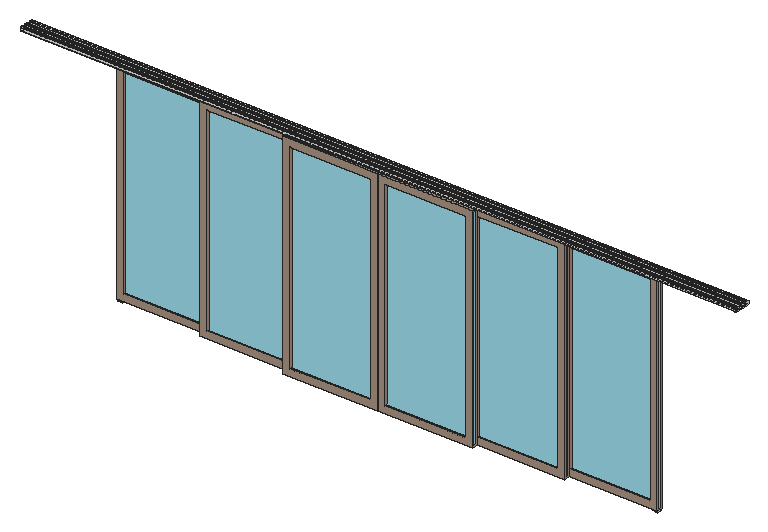
Revit family "6S Panel Slide SWW6S XRDLP", category Doors, host Wall, Revit 2016
Family settings
  Host = Wall
  Always vertical = Yes
  Cut with Voids When Loaded = No
  Shared = No
  Room Calculation Point = No
Parameters (values of type "233"x 94 3/4"")
  URL = "www.raydoor.com"
  Type Image = SWW6S.jpg
  Trim GC [instance] = no
  Thickness = 2.24836"
  Rough Width = 1"  # constant formula
  Rough Height = 1/2"  # constant formula
  Model = "SWW6S"
  Function = Interior
  Door Material = Door - Panel
  Panel Material = Glass, Cast, Gray
  Height = 94 3/4"
  Trim Projection Ext = 63/64"  # constant formula
  Typ = 3"  # constant formula
  Wall Closure = By host
  Width = 233"
  Assembly Code = "SWW6S XRDLP"
Reference planes (in)
  plane 1: y = 0
  plane 2: z = 0
  plane 3: x = 5.00001
  plane 4: x = -111.49999
  plane 5: x = 121.50001
  plane 6: z = 94.75
  plane 7: y = -5.50858
  plane 8: z = 93.5625
  plane 9: x = 119.00001
  plane 10: x = 120.50001
  plane 11: x = 2.00001
  plane 12: x = 3.50001
  plane 13: x = -73.99999
  plane 14: x = -72.49999
  plane 15: x = -70.99999
  plane 16: x = -110.49999
  plane 17: y = -3.26022
  plane 18: x = -111.99999
  plane 19: x = -108.99999
  plane 20: x = -148.49999
  plane 21: x = -149.99999
  plane 22: x = -146.99999
  plane 23: y = -5.75858
  plane 24: y = -8.00694
  plane 25: x = 82.50001
  plane 26: x = 81.00001
  plane 27: x = 84.00001
  plane 28: x = 122.00001
  plane 29: x = 8.00001
  plane 30: x = 6.50001
  plane 31: x = 157.00001
  plane 32: x = 158.50001
  plane 33: x = 160.00001
  plane 34: y = -8.25694
  plane 35: y = -10.5053
  plane 36: x = -35.99999
  plane 37: x = -34.49999
  plane 38: x = -32.99999
  plane 39: x = 44.50001
  plane 40: x = 43.00001
  plane 41: x = 46.00001
  plane 42: z = 92.75
Forms (in)
  Extrusion 1, solid, material "Door - Panel" <- "Door Material"
    sketch origin (-140.00001, -3.00757, 0.25) x (1, 0, 0) y (0, 0, 1)
      loop
        line (28.00002, 92.5) -> (28.00002, 0.5) -> (69.00002, 0.5) -> (69.00002, 92.5) -> (28.00002, 92.5)
      loop
        line (31.00002, 89.5) -> (31.00002, 3.5) -> (66.00002, 3.5) -> (66.00002, 89.5) -> (31.00002, 89.5)
    from 0.25265 to 2.50101
  Extrusion 2, solid, material "Glass, Cast, Gray" <- "Panel Material"
    sketch origin (-140.00001, -15.26431, 0.25) x (1, 0, 0) y (0, 0, 1)
      loop
        line (28.00002, 92.5) -> (28.00002, 1.375) -> (69.00002, 1.375) -> (69.00002, 92.5) -> (28.00002, 92.5)
    from -11.0041 to -10.75574
  Extrusion 3, solid, material "UHMW, White", detail levels medium+fine
    sketch origin (49.77771, -4.9971, 0.25) x (0, 1, 0) y (0, 0, 1)
      loop
        line (1.26596, -0.25) -> (1.26596, -0.0625) -> (0.73689, -0.0625) -> (0.73689, 0.75) -> (0.48853, 0.75) -> (0.48853, -0.0625) -> (-0.01147, -0.0625) -> (-0.01147, -0.25) -> (1.26596, -0.25)
      loop
        line (0.09481, 94.28125) -> (0.09481, 93.47947) -> (1.14169, 93.47947) -> (1.14169, 94.28125) -> (0.09481, 94.28125)
    from -161.77769 to -159.27769
  Extrusion 4, solid, material "Door - Panel" <- "Door Material", visible <- "Trim GC"
    sketch origin (-72.24213, -0.85137, -17.28113) x (1, 0, 0) y (0, 0, 1)
      loop
        line (-77.75786, 108.78113) -> (232.24214, 108.78113) -> (232.24214, 112.03113) -> (-77.75786, 112.03113) -> (-77.75786, 108.78113)
    from 9.65393 to 10.12647
  Extrusion 5, solid, material "UHMW, White"
    sketch origin (0, 37.0452, -9.0893) x (0, 1, 0) y (0, 0, 1)
      loop
        line (-41.25404, 103.74555) -> (-41.25404, 103.66096) -> (-41.19476, 103.66096) -> (-41.19476, 103.74555) -> (-41.02089, 103.74555) -> (-41.02089, 103.61591) -> (-40.88653, 103.60416) -> (-40.88653, 102.74284) -> (-40.91814, 102.62485) -> (-41.13549, 102.60584) -> (-41.13549, 102.52584) -> (-40.93757, 102.52584)
        arc (-40.93757, 102.52584) -> (-40.89568, 102.54682) -> (-40.8538, 102.52584) r 0.0523
        arc (-40.8538, 102.52584) -> (-40.82664, 102.53709) -> (-40.81539, 102.56425) r 0.0384
        line (-40.81539, 102.56425) -> (-40.81539, 103.72023) -> (-40.85491, 103.72023)
        arc (-40.85491, 103.72023) -> (-40.92012, 103.68259) -> (-40.92012, 103.75788) r 0.04347
        line (-40.92012, 103.75788) -> (-40.92012, 103.8393) -> (-41.94362, 103.8393) -> (-41.94362, 103.75788)
        arc (-41.94362, 103.75788) -> (-41.94362, 103.68259) -> (-42.00882, 103.72023) r 0.04347
        line (-42.00882, 103.72023) -> (-42.04834, 103.72023) -> (-42.04834, 102.56425)
        arc (-42.04834, 102.56425) -> (-42.03709, 102.53709) -> (-42.00994, 102.52584) r 0.0384
        arc (-42.00994, 102.52584) -> (-41.96805, 102.54682) -> (-41.92617, 102.52584) r 0.0523
        line (-41.92617, 102.52584) -> (-41.72825, 102.52584) -> (-41.72825, 102.60584) -> (-41.9456, 102.62485) -> (-41.97721, 102.74284) -> (-41.97721, 103.60416) -> (-41.84285, 103.61591) -> (-41.84285, 103.74555) -> (-41.66897, 103.74555) -> (-41.66897, 103.66096) -> (-41.6097, 103.66096) -> (-41.6097, 103.74555) -> (-41.25404, 103.74555)
    from -149.99999 to 160.00001
  Extrusion 6, void
    sketch origin (-140.00001, -15.26431, -90.75) x (1, 0, 0) y (0, 0, 1)
      loop
        line (69.00002, 92.375) -> (28.00002, 92.375) -> (28.00002, 91.5) -> (69.00002, 91.5) -> (69.00002, 92.375)
    from -11.0041 to -10.75574
  Extrusion 7, solid, material "UHMW, White"
    sketch origin (-41.44048, -3.87491, 94.75) x (0, -1, 0) y (1, 0, 0)
      loop
        circle (0.50948, -31.05951) r 0.125
    from -2 to -0.09375
  Extrusion 8, solid, material "Door - Panel" <- "Door Material"
    sketch origin (-99, -5.24836, 0.25) x (1, 0, 0) y (0, 0, 1)
      loop
        line (25.00001, 92.5) -> (25.00001, 0.5) -> (66.00001, 0.5) -> (66.00001, 92.5) -> (25.00001, 92.5)
      loop
        line (28.00001, 89.5) -> (28.00001, 3.5) -> (63.00001, 3.5) -> (63.00001, 89.5) -> (28.00001, 89.5)
    from 0.51022 to 2.75858
  Extrusion 9, solid, material "Glass, Cast, Gray" <- "Panel Material"
    sketch origin (-99, -17.76267, 0.25) x (1, 0, 0) y (0, 0, 1)
      loop
        line (25.00001, 92.5) -> (25.00001, 1.375) -> (66.00001, 1.375) -> (66.00001, 92.5) -> (25.00001, 92.5)
    from -11.0041 to -10.75574
  Extrusion 10, void
    sketch origin (-181.00001, -17.51267, -90.75) x (1, 0, 0) y (0, 0, 1)
      loop
        line (107.00002, 92.375) -> (107.00002, 91.5) -> (148.00002, 91.5) -> (148.00002, 92.375) -> (107.00002, 92.375)
    from -10.7541 to -10.50574
  Extrusion 11, solid, material "UHMW, White"
    sketch origin (0, 35.04004, -9.0893) x (0, 1, 0) y (0, 0, 1)
      loop
        line (-41.7495, 103.74555) -> (-41.7495, 103.66096) -> (-41.69023, 103.66096) -> (-41.69023, 103.74555) -> (-41.51635, 103.74555) -> (-41.51635, 103.61591) -> (-41.38199, 103.60416) -> (-41.38199, 102.74284) -> (-41.41361, 102.62485) -> (-41.63095, 102.60584) -> (-41.63095, 102.52584) -> (-41.43304, 102.52584)
        arc (-41.43304, 102.52584) -> (-41.39115, 102.54682) -> (-41.34926, 102.52584) r 0.0523
        arc (-41.34926, 102.52584) -> (-41.32211, 102.53709) -> (-41.31086, 102.56425) r 0.0384
        line (-41.31086, 102.56425) -> (-41.31086, 103.72023) -> (-41.35038, 103.72023)
        arc (-41.35038, 103.72023) -> (-41.41558, 103.68259) -> (-41.41558, 103.75788) r 0.04347
        line (-41.41558, 103.75788) -> (-41.41558, 103.8393) -> (-42.43909, 103.8393) -> (-42.43909, 103.75788)
        arc (-42.43909, 103.75788) -> (-42.43909, 103.68259) -> (-42.50429, 103.72023) r 0.04347
        line (-42.50429, 103.72023) -> (-42.54381, 103.72023) -> (-42.54381, 102.56425)
        arc (-42.54381, 102.56425) -> (-42.53256, 102.53709) -> (-42.5054, 102.52584) r 0.0384
        arc (-42.5054, 102.52584) -> (-42.46352, 102.54682) -> (-42.42163, 102.52584) r 0.0523
        line (-42.42163, 102.52584) -> (-42.22372, 102.52584) -> (-42.22372, 102.60584) -> (-42.44106, 102.62485) -> (-42.47268, 102.74284) -> (-42.47268, 103.60416) -> (-42.33832, 103.61591) -> (-42.33832, 103.74555) -> (-42.16444, 103.74555) -> (-42.16444, 103.66096) -> (-42.10516, 103.66096) -> (-42.10516, 103.74555) -> (-41.7495, 103.74555)
    from -149.99999 to 160.00001
  Extrusion 12, solid, material "UHMW, White"
    sketch origin (-92.86615, -16.69677, 94.75) x (0, -1, 0) y (1, 0, 0)
      loop
        circle (-9.81483, 58.36617) r 0.125
    from -2 to 0
  Extrusion 13, solid, material "Door - Panel" <- "Door Material"
    sketch origin (-57.99999, -7.74219, 0.25) x (1, 0, 0) y (0, 0, 1)
      loop
        line (101.00001, 92.5) -> (101.00001, 0.5) -> (142.00001, 0.5) -> (142.00001, 92.5) -> (101.00001, 92.5)
      loop
        line (104.00001, 89.5) -> (104.00001, 3.5) -> (139.00001, 3.5) -> (139.00001, 89.5) -> (104.00001, 89.5)
    from -1.98361 to 0.26475
  Extrusion 14, solid, material "Glass, Cast, Gray" <- "Panel Material"
    sketch origin (-57.99999, -17.5065, 0.25) x (1, 0, 0) y (0, 0, 1)
      loop
        line (101.00001, 92.5) -> (101.00001, 1.375) -> (142.00001, 1.375) -> (142.00001, 92.5) -> (101.00001, 92.5)
    from -10.7541 to -10.50574
  Extrusion 15, void
    sketch origin (-140, -20.0065, -90.75) x (1, 0, 0) y (0, 0, 1)
      loop
        line (183.00001, 92.375) -> (183.00001, 91.5) -> (224.00001, 91.5) -> (224.00001, 92.375) -> (183.00001, 92.375)
    from -13.2541 to -13.00574
  Extrusion 16, solid, material "UHMW, White"
    sketch origin (-92.86615, -18.94514, 94.75) x (0, -1, 0) y (1, 0, 0)
      loop
        circle (-9.55948, 99.36617) r 0.125
    from -2 to 0
  Extrusion 17, solid, material "Door - Panel" <- "Door Material"
    sketch origin (-16.99999, -10.23601, 0.25) x (1, 0, 0) y (0, 0, 1)
      loop
        line (98, 92.5) -> (98, 0.5) -> (139, 0.5) -> (139, 92.5) -> (98, 92.5)
      loop
        line (101, 89.5) -> (101, 3.5) -> (136, 3.5) -> (136, 89.5) -> (101, 89.5)
    from -6.9758 to -4.72744
  Extrusion 18, solid, material "Glass, Cast, Gray" <- "Panel Material"
    sketch origin (-16.99999, -15.00033, 0.25) x (1, 0, 0) y (0, 0, 1)
      loop
        line (98, 92.5) -> (98, 1.375) -> (139, 1.375) -> (139, 92.5) -> (98, 92.5)
    from -10.7541 to -10.50574
  Extrusion 19, void
    sketch origin (-98.99999, -22.50033, -90.75) x (1, 0, 0) y (0, 0, 1)
      loop
        line (180.00001, 92.125) -> (180.00001, 91.25) -> (221.00001, 91.25) -> (221.00001, 92.125) -> (180.00001, 92.125)
    from -18.2541 to -18.00574
  Extrusion 20, solid, material "UHMW, White"
    sketch origin (-92.86615, -21.43896, 94.75) x (0, -1, 0) y (1, 0, 0)
      loop
        circle (-17.06855, 175.36617) r 0.125
    from -2 to 0
  Extrusion 21, solid, material "Door - Panel" <- "Door Material"
    sketch origin (-98.28447, -8.92946, 0.25) x (1, 0, 0) y (0, 0, 1)
      loop
        line (62.28448, 92.5) -> (62.28448, 0.5) -> (103.28448, 0.5) -> (103.28448, 92.5) -> (62.28448, 92.5)
      loop
        line (65.28448, 89.5) -> (65.28448, 3.5) -> (100.28448, 3.5) -> (100.28448, 89.5) -> (65.28448, 89.5)
    from -0.67252 to 1.57584
  Extrusion 22, solid, material "Glass, Cast, Gray" <- "Panel Material"
    sketch origin (-98.28447, -21.44378, 0.25) x (1, 0, 0) y (0, 0, 1)
      loop
        line (62.28448, 92.5) -> (62.28448, 1.375) -> (103.28448, 1.375) -> (103.28448, 92.5) -> (62.28448, 92.5)
    from -12.18684 to -11.93848
  Extrusion 23, void
    sketch origin (-180.28447, -20.88128, -90.75) x (1, 0, 0) y (0, 0, 1)
      loop
        line (144.28448, 92.375) -> (144.28448, 91.5) -> (185.28448, 91.5) -> (185.28448, 92.375) -> (144.28448, 92.375)
    from -11.62434 to -11.37598
  Extrusion 24, solid, material "Door - Panel" <- "Door Material"
    sketch origin (-84.83584, -10.10607, 0.25) x (1, 0, 0) y (0, 0, 1)
      loop
        line (89.83585, 92.5) -> (89.83585, 0.5) -> (130.83585, 0.5) -> (130.83585, 92.5) -> (89.83585, 92.5)
      loop
        line (92.83585, 89.5) -> (92.83585, 3.5) -> (127.83585, 3.5) -> (127.83585, 89.5) -> (92.83585, 89.5)
    from -1.84913 to 0.39924
  Extrusion 25, solid, material "Glass, Cast, Gray" <- "Panel Material"
    sketch origin (-84.83584, -22.62038, 0.25) x (1, 0, 0) y (0, 0, 1)
      loop
        line (89.83585, 92.5) -> (89.83585, 0.80093) -> (130.83585, 0.80093) -> (130.83585, 92.5) -> (89.83585, 92.5)
    from -13.36344 to -13.11508
  Extrusion 26, void
    sketch origin (-166.83584, -22.05788, -90.75) x (1, 0, 0) y (0, 0, 1)
      loop
        line (171.83586, 92.375) -> (171.83586, 91.5) -> (212.83586, 91.5) -> (212.83586, 92.375) -> (171.83586, 92.375)
    from -12.80094 to -12.55258
  Extrusion 27, solid, material "UHMW, White"
    sketch origin (0, 32.54168, -9.0893) x (0, 1, 0) y (0, 0, 1)
      loop
        line (-41.7495, 103.74555) -> (-41.7495, 103.66096) -> (-41.69023, 103.66096) -> (-41.69023, 103.74555) -> (-41.51635, 103.74555) -> (-41.51635, 103.61591) -> (-41.38199, 103.60416) -> (-41.38199, 102.74284) -> (-41.41361, 102.62485) -> (-41.63095, 102.60584) -> (-41.63095, 102.52584) -> (-41.43304, 102.52584)
        arc (-41.43304, 102.52584) -> (-41.39115, 102.54682) -> (-41.34926, 102.52584) r 0.0523
        arc (-41.34926, 102.52584) -> (-41.32211, 102.53709) -> (-41.31086, 102.56425) r 0.0384
        line (-41.31086, 102.56425) -> (-41.31086, 103.72023) -> (-41.35038, 103.72023)
        arc (-41.35038, 103.72023) -> (-41.41558, 103.68259) -> (-41.41558, 103.75788) r 0.04347
        line (-41.41558, 103.75788) -> (-41.41558, 103.8393) -> (-42.43909, 103.8393) -> (-42.43909, 103.75788)
        arc (-42.43909, 103.75788) -> (-42.43909, 103.68259) -> (-42.50429, 103.72023) r 0.04347
        line (-42.50429, 103.72023) -> (-42.54381, 103.72023) -> (-42.54381, 102.56425)
        arc (-42.54381, 102.56425) -> (-42.53256, 102.53709) -> (-42.5054, 102.52584) r 0.0384
        arc (-42.5054, 102.52584) -> (-42.46352, 102.54682) -> (-42.42163, 102.52584) r 0.0523
        line (-42.42163, 102.52584) -> (-42.22372, 102.52584) -> (-42.22372, 102.60584) -> (-42.44106, 102.62485) -> (-42.47268, 102.74284) -> (-42.47268, 103.60416) -> (-42.33832, 103.61591) -> (-42.33832, 103.74555) -> (-42.16444, 103.74555) -> (-42.16444, 103.66096) -> (-42.10516, 103.66096) -> (-42.10516, 103.74555) -> (-41.7495, 103.74555)
    from -149.99999 to 160.00001
  Extrusion 28, solid, material "UHMW, White"
    sketch origin (-95.86615, -18.94514, 94.75) x (0, -1, 0) y (1, 0, 0)
      loop
        circle (-9.55948, 99.36617) r 0.125
    from -2 to 0
  Extrusion 29, solid, material "UHMW, White"
    sketch origin (-133.86615, -21.43896, 94.75) x (0, -1, 0) y (1, 0, 0)
      loop
        circle (-14.57019, 178.36616) r 0.125
    from -2 to 0
  Extrusion 30, solid, material "UHMW, White", detail levels medium+fine
    sketch origin (281.2777, -4.9971, 0.25) x (0, 1, 0) y (0, 0, 1)
      loop
        line (1.26596, -0.25) -> (1.26596, -0.0625) -> (0.73689, -0.0625) -> (0.73689, 0.75) -> (0.48853, 0.75) -> (0.48853, -0.0625) -> (-0.01147, -0.0625) -> (-0.01147, -0.25) -> (1.26596, -0.25)
      loop
        line (0.09481, 94.28125) -> (0.09481, 93.47947) -> (1.14169, 93.47947) -> (1.14169, 94.28125) -> (0.09481, 94.28125)
    from -161.77769 to -159.27769
Cuts and joins
  Extrusion 6, Extrusion 10 cuts Extrusion 1
  Extrusion 10 cuts Extrusion 2
  Extrusion 10, Extrusion 15, Extrusion 23 cuts Extrusion 8
  Extrusion 10, Extrusion 15, Extrusion 23 cuts Extrusion 9
  Extrusion 15, Extrusion 19 cuts Extrusion 13
  Extrusion 15, Extrusion 19 cuts Extrusion 14
  Extrusion 19 cuts Extrusion 17
  Extrusion 19 cuts Extrusion 18
  Extrusion 23, Extrusion 26 cuts Extrusion 21
  Extrusion 23, Extrusion 26 cuts Extrusion 22
  Extrusion 26 cuts Extrusion 24
  Extrusion 26 cuts Extrusion 25
Lines and regions (in)
  Opening 1
    outline origin (-60, -3.00757, 144) x (0, 0, -1) y (1, 0, 0)
      loop
        line (49.25, -51.49999) -> (144, -51.49999) -> (144, 181.50001) -> (49.25, 181.50001) -> (49.25, -51.49999)
  Masking region 1
    outline origin (-7.24693, 27.04592, 0) x (1, 0, 0) y (0, 1, 0)
      loop
        line (-101.75305, -35.05286) -> (-101.75305, -32.8045) -> (-142.75305, -32.8045) -> (-142.75305, -35.05286) -> (-101.75305, -35.05286)
  Masking region 2
    outline origin (-7.24693, 29.28975, 0) x (1, 0, 0) y (0, 1, 0)
      loop
        line (-101.75305, -34.79833) -> (-101.75305, -32.54997) -> (-142.75305, -32.54997) -> (-142.75305, -34.79833) -> (-101.75305, -34.79833)
  Masking region 3
    outline origin (187.00309, 19.73179, 0) x (1, 0, 0) y (0, 1, 0)
      loop
        line (-27.00308, -25.24037) -> (-27.00308, -22.99201) -> (-68.00308, -22.99201) -> (-68.00308, -25.24037) -> (-27.00308, -25.24037)
  Masking region 4
    outline origin (212.00307, 13.05724, 0) x (1, 0, 0) y (0, 1, 0)
      loop
        line (-52.00305, -21.06418) -> (-52.00305, -18.81582) -> (-93.00305, -18.81582) -> (-93.00305, -21.06418) -> (-52.00305, -21.06418)
  Masking region 5
    outline origin (-2.33202, 23.60446, 0) x (1, 0, 0) y (0, 1, 0)
      loop
        line (-106.66797, -34.10977) -> (-106.66797, -31.8614) -> (-147.66797, -31.8614) -> (-147.66797, -34.10977) -> (-106.66797, -34.10977)
  Masking region 6
    outline origin (212.97364, 9.43502, 0) x (1, 0, 0) y (0, 1, 0)
      loop
        line (-52.97363, -19.94032) -> (-52.97363, -17.69196) -> (-93.97363, -17.69196) -> (-93.97363, -19.94032) -> (-52.97363, -19.94032)
  symbolic lines, style "Elevation Swing"
    curve 1: line (-67.99998, 0, 37.98833) -> (-39.99998, 0, 37.98833)
    curve 2: line (-39.875, 0, 32.79755) -> (-68.24999, 0, 32.79755)
    curve 3: line (-67.99998, 0, 37.98833) -> (-62.80383, 0, 40.98833)
    curve 4: line (-45.07115, 0, 29.79755) -> (-39.875, 0, 32.79755)
    curve 10: line (49.00002, 0, 37.98833) -> (77.00002, 0, 37.98833)
    curve 11: line (77.125, 0, 32.79755) -> (48.75001, 0, 32.79755)
    curve 12: line (49.00002, 0, 37.98833) -> (54.19617, 0, 40.98833)
    curve 13: line (71.92885, 0, 29.79755) -> (77.125, 0, 32.79755)
  symbolic lines, style "Plan Swing"
    curve 5: line (-42.81249, -14.80996, 0) -> (-61.43749, -14.80996, 0)
    curve 6: line (-61.43749, -14.80996, 0) -> (-59.31617, -12.68864, 0)
    curve 7: line (-42.81249, -16.32894, 0) -> (-61.43749, -16.32894, 0)
    curve 8: line (-44.93381, -18.45026, 0) -> (-42.81249, -16.32894, 0)
    curve 14: line (74.18751, -14.80996, 0) -> (55.56251, -14.80996, 0)
    curve 15: line (55.56251, -14.80996, 0) -> (57.68383, -12.68864, 0)
    curve 16: line (74.18751, -16.32894, 0) -> (55.56251, -16.32894, 0)
    curve 17: line (72.06619, -18.45026, 0) -> (74.18751, -16.32894, 0)
  model lines
    curve 9: line (-111.49999, 2.99243, 0) -> (121.50001, 2.99243, 0)
Dimensions and locks (in)
  equal spacing: plane 4, plane 3, plane 5
  "Width": plane 4 to plane 5
  "Height": plane 6 to plane 2
  locked: host wall to plane 17 at 0.24937
  locked: plane 6 to plane 8 at 1.1875
  plane 6 to Extrusion 1 = 2"
  "Typ": Extrusion 1 sketch curve to Extrusion 1 sketch curve  (x2)
  locked: Extrusion 2 to plane 7 at 1
  locked: Extrusion 2 to Extrusion 2 at 0.24836
  locked: Extrusion 1 to Extrusion 2 at 1
  Extrusion 1 to plane 4 = 1/2"
  plane 6 to Extrusion 4 = 3 1/4"
  Extrusion 4 to plane 7 = 5.46926"
  "Thickness": Extrusion 1 to Extrusion 1
  locked: Extrusion 3 to Extrusion 3 at 2.5
  Extrusion 3 sketch curve to Extrusion 3 sketch curve = 3/16"
  locked: Extrusion 2 sketch curve to Extrusion 1 at 0.875
  locked: Extrusion 6 to Extrusion 6 at 0.24836
  equal spacing: plane 11, plane 12, plane 3
  "Typ": plane 11 to plane 3
  equal spacing: plane 13, plane 14, plane 15
  "Typ": plane 13 to plane 15
  "Typ": Extrusion 8 sketch curve to Extrusion 8 sketch curve  (x2)
  locked: Extrusion 9 to Extrusion 9 at 0.24836
  locked: Extrusion 8 to Extrusion 9 at 1
  locked: Extrusion 9 sketch curve to Extrusion 8 at 0.875
  locked: Extrusion 10 to Extrusion 10 at 0.24836
  "Thickness": plane 23 to plane 24
  locked: Extrusion 7 sketch curve to plane 15 at 1.375
  locked: Extrusion 12 sketch curve to plane 24 at 1.25
  locked: Extrusion 12 sketch curve to plane 38 at 1.375
  locked: Extrusion 7 sketch curve to plane 7 at 0.99918
  "Thickness": plane 17 to plane 7
  "Typ": plane 18 to plane 19
  equal spacing: plane 18, plane 16, plane 19
  "Typ": plane 21 to plane 22
  equal spacing: plane 21, plane 20, plane 22
  "Typ": Extrusion 13 sketch curve to Extrusion 13 sketch curve  (x2)
  locked: Extrusion 14 to Extrusion 14 at 0.24836
  Extrusion 13 to Extrusion 14 = 0.99383"
  locked: Extrusion 14 sketch curve to Extrusion 13 at 0.875
  locked: Extrusion 15 to Extrusion 15 at 0.24836
  plane 35 to Extrusion 16 sketch curve = 1.24465"
  locked: plane 7 to plane 23 at 0.25
  locked: Extrusion 3 sketch curve to Extrusion 3 sketch curve at 0.52908
  locked: Extrusion 3 sketch curve to Extrusion 3 sketch curve at 0.5
  equal spacing: plane 26, plane 25, plane 27
  "Typ": plane 26 to plane 27
  "Typ": Extrusion 17 sketch curve to Extrusion 17 sketch curve  (x2)
  locked: Extrusion 18 to Extrusion 18 at 0.24836
  Extrusion 17 to Extrusion 18 = 0.98601"
  locked: Extrusion 18 sketch curve to Extrusion 17 at 0.875
  locked: Extrusion 19 to Extrusion 19 at 0.24836
  locked: Extrusion 16 sketch curve to plane 29 at 1.375
  locked: Extrusion 20 sketch curve to plane 7 at 1.13817
  locked: Extrusion 20 sketch curve to plane 27 at 1.375
  equal spacing: plane 29, plane 30, plane 3
  "Typ": plane 29 to plane 3
  equal spacing: plane 9, plane 10, plane 28
  "Typ": plane 9 to plane 28
  locked: plane 24 to cut or joined group of Extrusion 14, Extrusion 15, Extrusion 19 at 1.00617
  locked: cut or joined group of Extrusion 14, Extrusion 15, Extrusion 19 to plane 23 at 0.99383
  locked: cut or joined group of Extrusion 14, Extrusion 15, Extrusion 19 to cut or joined group of Extrusion 14, Extrusion 15, Extrusion 19 at 0.24836
  locked: plane 7 to cut or joined group of Extrusion 18, Extrusion 19 at 1.01399
  locked: cut or joined group of Extrusion 18, Extrusion 19 to plane 17 at 0.98601
  locked: cut or joined group of Extrusion 18, Extrusion 19 to cut or joined group of Extrusion 18, Extrusion 19 at 0.24836
  equal spacing: plane 31, plane 32, plane 33
  "Typ": plane 31 to plane 33
  locked: plane 24 to plane 34 at 0.25
  "Thickness": plane 34 to plane 35
  "Typ": Extrusion 21 sketch curve to Extrusion 21 sketch curve  (x2)
  locked: Extrusion 22 to Extrusion 22 at 0.24836
  locked: Extrusion 21 to Extrusion 22 at 1
  locked: Extrusion 22 sketch curve to Extrusion 21 at 0.875
  locked: Extrusion 23 to Extrusion 23 at 0.24836
  equal spacing: plane 36, plane 37, plane 38
  "Typ": plane 36 to plane 38
  equal spacing: plane 40, plane 39, plane 41
  "Typ": plane 40 to plane 41
  "Typ": Extrusion 24 sketch curve to Extrusion 24 sketch curve  (x2)
  locked: Extrusion 25 to Extrusion 25 at 0.24836
  locked: Extrusion 24 to Extrusion 25 at 1
  Extrusion 25 sketch curve to Extrusion 24 = 0.30093"
  locked: Extrusion 26 to Extrusion 26 at 0.24836
  locked: Extrusion 28 sketch curve to plane 35 at 1.24465
  locked: plane 11 to Extrusion 28 sketch curve at 1.375
  locked: Extrusion 29 sketch curve to plane 24 at 1.13817
  locked: plane 40 to Extrusion 29 sketch curve at 1.625
  "Thickness": cut or joined group of Extrusion 8, Extrusion 10, Extrusion 15, Extrusion 23 to cut or joined group of Extrusion 8, Extrusion 10, Extrusion 15, Extrusion 23
  "Thickness": cut or joined group of Extrusion 21, Extrusion 23, Extrusion 26 to cut or joined group of Extrusion 21, Extrusion 23, Extrusion 26
  locked: cut or joined group of Extrusion 17, Extrusion 19 to cut or joined group of Extrusion 17, Extrusion 19 at 2.24836
  locked: cut or joined group of Extrusion 13, Extrusion 15, Extrusion 19 to cut or joined group of Extrusion 13, Extrusion 15, Extrusion 19 at 2.24836
  locked: cut or joined group of Extrusion 24, Extrusion 26 to cut or joined group of Extrusion 24, Extrusion 26 at 2.24836
  locked: Extrusion 30 to Extrusion 30 at 2.5
  Extrusion 30 sketch curve to Extrusion 30 sketch curve = 3/16"
  locked: Extrusion 30 sketch curve to Extrusion 30 sketch curve at 0.52908
  locked: Extrusion 30 sketch curve to Extrusion 30 sketch curve at 0.5
  equal spacing: plane 20, plane 16, plane 14, plane 37, plane 12
  equal spacing: plane 30, plane 39, plane 25, plane 10, plane 32
  "Rough Height": plane 18 to plane 4
  "Rough Height": plane 5 to plane 28
  cut or joined group of Extrusion 24, Extrusion 26 to level = 3/4"
  Extrusion 27 to plane 6 = 1.31346"
  plane 42 to plane 6 = 2"
  host wall to plane 17 = 0.25265"
  Extrusion 5 to Extrusion 5 = 1.23295"
  Extrusion 11 to Extrusion 11 = 1.23295"
  Extrusion 27 to Extrusion 27 = 1.23295"
  plane 17 to plane 7 = 2.24836"
  plane 23 to plane 24 = 2.24836"
  plane 34 to plane 35 = 2.24836"
  plane 17 to plane 35 = 7.24508"
  cut or joined group of Extrusion 21, Extrusion 23, Extrusion 26 to level = 3/4"
  diameter of Extrusion 7 sketch curve = 1/4"
  diameter of Extrusion 12 sketch curve = 1/4"
  diameter of Extrusion 16 sketch curve = 1/4"
  diameter of Extrusion 20 sketch curve = 1/4"
  diameter of Extrusion 28 sketch curve = 1/4"
  diameter of Extrusion 29 sketch curve = 1/4"
  aligned and locked: Extrusion 1 to Extrusion 2
  aligned and locked: plane 5 to curve 9
  aligned and locked: Extrusion 4 to plane 6
  aligned and locked: Opening 1 sketch curve to plane 5
  aligned and locked: Opening 1 sketch curve to plane 4
  aligned and locked: Extrusion 3 sketch curve to Extrusion 3 sketch curve
  aligned and locked: Extrusion 1 to Extrusion 6  (x2)
  aligned and locked: Extrusion 7 to Extrusion 5
  aligned and locked: cut or joined group of Extrusion 1, Extrusion 6, Extrusion 10 to Extrusion 2
  aligned and locked: Extrusion 2 to cut or joined group of Extrusion 1, Extrusion 6, Extrusion 10
  aligned and locked: Extrusion 8 to Extrusion 9
  aligned and locked: Extrusion 8 to Extrusion 10  (x2)
  aligned and locked: plane 13 to Extrusion 8
  aligned and locked: plane 13 to Extrusion 9
  aligned and locked: cut or joined group of Extrusion 8, Extrusion 10, Extrusion 15, Extrusion 23 to plane 15
  aligned and locked: cut or joined group of Extrusion 1, Extrusion 6, Extrusion 10 to Masking region 2
  aligned and locked: Masking region 2 to plane 7
  aligned and locked: Extrusion 12 to plane 6
  aligned and locked: plane 17 to cut or joined group of Extrusion 1, Extrusion 6, Extrusion 10
  aligned and locked: plane 21 to Masking region 2
  aligned and locked: Masking region 2 to plane 19
  aligned and locked: plane 21 to Masking region 1
  aligned and locked: Masking region 1 to plane 19
  aligned and locked: plane 18 to cut or joined group of Extrusion 2, Extrusion 10
  aligned and locked: plane 18 to cut or joined group of Extrusion 1, Extrusion 6, Extrusion 10
  aligned and locked: cut or joined group of Extrusion 1, Extrusion 6, Extrusion 10 to plane 19
  aligned and locked: plane 13 to cut or joined group of Extrusion 1, Extrusion 6, Extrusion 10
  aligned and locked: cut or joined group of Extrusion 1, Extrusion 6, Extrusion 10 to plane 15
  aligned and locked: cut or joined group of Extrusion 2, Extrusion 10 to plane 15
  aligned and locked: plane 18 to Extrusion 6
  aligned and locked: Extrusion 13 to Extrusion 14
  aligned and locked: Extrusion 13 to Extrusion 15
  aligned and locked: Extrusion 16 to plane 6
  aligned and locked: Extrusion 15 to cut or joined group of Extrusion 14, Extrusion 15, Extrusion 19
  aligned and locked: plane 21 to Extrusion 4
  aligned and locked: plane 21 to Extrusion 11
  aligned and locked: plane 21 to Extrusion 5
  aligned and locked: plane 23 to Extrusion 8
  aligned and locked: plane 23 to Masking region 1
  aligned and locked: cut or joined group of Extrusion 8, Extrusion 10, Extrusion 15, Extrusion 23 to plane 24
  aligned and locked: Masking region 1 to plane 24
  aligned and locked: cut or joined group of Extrusion 8, Extrusion 10, Extrusion 15, Extrusion 23 to cut or joined group of Extrusion 9, Extrusion 10, Extrusion 15, Extrusion 23
  aligned and locked: cut or joined group of Extrusion 1, Extrusion 6, Extrusion 10 to Extrusion 3
  aligned and locked: Extrusion 3 to cut or joined group of Extrusion 1, Extrusion 6, Extrusion 10
  aligned and locked: cut or joined group of Extrusion 14, Extrusion 15, Extrusion 19 to plane 27
  aligned and locked: Extrusion 17 to Extrusion 18
  aligned and locked: Extrusion 17 to Extrusion 19
  aligned and locked: plane 26 to cut or joined group of Extrusion 17, Extrusion 19
  aligned and locked: plane 26 to cut or joined group of Extrusion 18, Extrusion 19
  aligned and locked: plane 23 to cut or joined group of Extrusion 13, Extrusion 15, Extrusion 19
  aligned and locked: cut or joined group of Extrusion 13, Extrusion 15, Extrusion 19 to plane 24
  aligned and locked: cut or joined group of Extrusion 17, Extrusion 19 to plane 17
  aligned and locked: plane 28 to cut or joined group of Extrusion 18, Extrusion 19
  aligned and locked: plane 28 to cut or joined group of Extrusion 17, Extrusion 19
  aligned and locked: plane 9 to cut or joined group of Extrusion 17, Extrusion 19
  aligned and locked: Extrusion 19 to cut or joined group of Extrusion 18, Extrusion 19
  aligned and locked: cut or joined group of Extrusion 17, Extrusion 19 to Extrusion 19
  aligned and locked: Masking region 3 to plane 17
  aligned and locked: plane 7 to Masking region 3
  aligned and locked: plane 9 to Masking region 3
  aligned and locked: plane 33 to Masking region 3
  aligned and locked: Masking region 4 to plane 23
  aligned and locked: Masking region 4 to plane 24
  aligned and locked: plane 9 to Masking region 4
  aligned and locked: plane 33 to Masking region 4
  aligned and locked: plane 33 to Extrusion 5
  aligned and locked: plane 33 to Extrusion 11
  aligned and locked: plane 33 to Extrusion 4
  aligned and locked: cut or joined group of Extrusion 8, Extrusion 10, Extrusion 15, Extrusion 23 to Extrusion 9
  aligned and locked: cut or joined group of Extrusion 8, Extrusion 10, Extrusion 15, Extrusion 23 to Extrusion 10
  aligned and locked: Extrusion 21 to Extrusion 22
  aligned and locked: Extrusion 21 to Extrusion 23  (x2)
  aligned and locked: plane 36 to cut or joined group of Extrusion 8, Extrusion 10, Extrusion 15, Extrusion 23
  aligned and locked: cut or joined group of Extrusion 8, Extrusion 10, Extrusion 15, Extrusion 23 to plane 38
  aligned and locked: plane 34 to cut or joined group of Extrusion 21, Extrusion 23, Extrusion 26
  aligned and locked: cut or joined group of Extrusion 21, Extrusion 23, Extrusion 26 to plane 35
  aligned and locked: plane 3 to cut or joined group of Extrusion 21, Extrusion 23, Extrusion 26
  aligned and locked: plane 3 to cut or joined group of Extrusion 22, Extrusion 23, Extrusion 26
  aligned and locked: plane 11 to cut or joined group of Extrusion 21, Extrusion 23, Extrusion 26
  aligned and locked: cut or joined group of Extrusion 21, Extrusion 23, Extrusion 26 to plane 38
  aligned and locked: plane 36 to cut or joined group of Extrusion 21, Extrusion 23, Extrusion 26
  aligned and locked: plane 36 to cut or joined group of Extrusion 22, Extrusion 23, Extrusion 26
  aligned and locked: cut or joined group of Extrusion 22, Extrusion 23, Extrusion 26 to cut or joined group of Extrusion 21, Extrusion 23, Extrusion 26
  aligned and locked: plane 21 to Masking region 5
  aligned and locked: Masking region 5 to plane 19
  aligned and locked: plane 34 to Masking region 5
  aligned and locked: Masking region 5 to plane 35
  aligned and locked: Masking region 6 to plane 34
  aligned and locked: Masking region 6 to plane 35
  aligned and locked: plane 9 to Masking region 6
  aligned and locked: plane 33 to Masking region 6
  aligned and locked: plane 3 to Extrusion 23
  aligned and locked: Extrusion 24 to Extrusion 25
  aligned and locked: Extrusion 24 to Extrusion 26
  aligned and locked: plane 34 to cut or joined group of Extrusion 24, Extrusion 26
  aligned and locked: cut or joined group of Extrusion 24, Extrusion 26 to plane 35
  aligned and locked: cut or joined group of Extrusion 24, Extrusion 26 to plane 3
  aligned and locked: cut or joined group of Extrusion 25, Extrusion 26 to plane 3
  aligned and locked: plane 29 to cut or joined group of Extrusion 24, Extrusion 26
  aligned and locked: cut or joined group of Extrusion 24, Extrusion 26 to plane 41
  aligned and locked: cut or joined group of Extrusion 25, Extrusion 26 to plane 41
  aligned and locked: plane 40 to cut or joined group of Extrusion 24, Extrusion 26
  aligned and locked: cut or joined group of Extrusion 25, Extrusion 26 to Extrusion 26
  aligned and locked: plane 35 to Extrusion 4
  aligned and locked: plane 21 to Extrusion 27
  aligned and locked: plane 33 to Extrusion 27
  aligned and locked: plane 18 to Extrusion 3
  aligned and locked: Extrusion 30 sketch curve to Extrusion 30 sketch curve
  aligned and locked: plane 28 to Extrusion 30
  aligned and locked: cut or joined group of Extrusion 1, Extrusion 6, Extrusion 10 to plane 42
  aligned and locked: plane 42 to cut or joined group of Extrusion 1, Extrusion 6, Extrusion 10
  aligned and locked: cut or joined group of Extrusion 8, Extrusion 10, Extrusion 15, Extrusion 23 to plane 42
  aligned and locked: plane 42 to cut or joined group of Extrusion 8, Extrusion 10, Extrusion 15, Extrusion 23
  aligned and locked: cut or joined group of Extrusion 21, Extrusion 23, Extrusion 26 to plane 42
  aligned and locked: cut or joined group of Extrusion 24, Extrusion 26 to plane 42
  aligned and locked: plane 42 to Extrusion 7
  aligned and locked: plane 42 to Extrusion 20
  aligned and locked: plane 42 to Extrusion 12
  aligned and locked: plane 42 to Extrusion 29
  aligned and locked: plane 42 to Extrusion 28
  aligned and locked: plane 42 to Extrusion 16
Automatic sketch dimensions
  curve 12 to plane 41 = 3"
  level to curve 12 = 37.98833"
  curve 3 to plane 15 = 3"
  level to curve 3 = 37.98833"
  plane 26 to curve 13 = 3 7/8"
  curve 10 to curve 13 = 5.19077"
  curve 1 to curve 2 = 5.19077"
  plane 36 to curve 4 = 3 7/8"
  curve 3 to plane 15 = 8.19616"
  curve 3 to curve 1 = 3"
  curve 12 to plane 41 = 8.19616"
  curve 12 to curve 10 = 3"
  plane 26 to curve 13 = 9.07116"
  curve 11 to curve 13 = 3"
  plane 36 to curve 4 = 9.07116"
  curve 2 to curve 4 = 3"
  curve 2 to plane 15 = 2 3/4"
  plane 36 to curve 1 = 4"
  curve 11 to plane 41 = 2 3/4"
  plane 26 to curve 10 = 4"
  Opening 1 sketch curve to plane 6 = 0"
  Opening 1 sketch curve to level = 0"
  plane 18 to Extrusion 1 sketch curve = 0"
  plane 19 to Extrusion 1 sketch curve = 0"
  plane 13 to Extrusion 1 sketch curve = 0"
  plane 15 to Extrusion 1 sketch curve = 0"
  Extrusion 1 sketch curve to plane 42 = 0"
  level to Extrusion 1 sketch curve = 3 3/4"
  curve 5 to plane 35 = 4.30466"
  curve 5 to plane 15 = 9 9/16"
  plane 36 to curve 7 = 6 13/16"
  curve 14 to plane 35 = 4.30466"
  curve 14 to plane 41 = 9 9/16"
  plane 26 to curve 16 = 6 13/16"
  curve 16 to curve 14 = 1.51898"
  curve 7 to curve 5 = 1.51898"
  curve 7 to curve 5 = 0"
  curve 6 to plane 35 = 2.18334"
  curve 5 to curve 6 = 2.12132"
  curve 8 to curve 7 = 2.12132"  (x2)
  curve 5 to curve 7 = 0"
  curve 16 to curve 14 = 0"
  curve 15 to plane 35 = 2.18334"
  curve 14 to curve 15 = 2.12132"
  curve 17 to curve 16 = 2.12132"  (x2)
  curve 14 to curve 16 = 0"
  plane 18 to Extrusion 2 sketch curve = 0"
  plane 15 to Extrusion 2 sketch curve = 0"
  Extrusion 2 sketch curve to plane 42 = 0"
  Extrusion 3 sketch curve to level = 0"
  plane 7 to Extrusion 3 sketch curve = 1/2"
  Extrusion 3 sketch curve to plane 8 = 0.16697"
  plane 7 to Extrusion 3 sketch curve = 0.60629"
  Extrusion 3 sketch curve to Extrusion 3 sketch curve = 0.24836"
  plane 6 to Extrusion 3 sketch curve = 7/32"
  Extrusion 3 sketch curve to plane 17 = 0.5952"
  Extrusion 3 sketch curve to Extrusion 3 sketch curve = 13/16"
  curve 9 to level = 0"
  plane 4 to curve 9 = 0"
  Masking region 1 sketch curve to plane 21 = 0"
  Masking region 1 sketch curve to plane 19 = 0"
  Masking region 1 sketch curve to plane 24 = 0"
  Masking region 1 sketch curve to plane 23 = 0"
  Extrusion 4 sketch curve to plane 6 = 0"
  plane 21 to Extrusion 4 sketch curve = 0"
  Extrusion 4 sketch curve to plane 33 = 0"
  plane 42 to Extrusion 4 sketch curve = 1 1/4"
  plane 6 to Extrusion 5 sketch curve = 0"
  plane 6 to Extrusion 5 sketch curve = 0.11907"  (x2)
  plane 7 to Extrusion 5 sketch curve = 0.50544"
  Extrusion 5 sketch curve to Extrusion 5 sketch curve = 0.0384"  (x2)
  Extrusion 5 sketch curve to Extrusion 5 sketch curve = 0.03952"
  Extrusion 5 sketch curve to plane 8 = 0.09104"  (x2)
  Extrusion 5 sketch curve to Extrusion 5 sketch curve = 0.03273"
  Extrusion 5 sketch curve to Extrusion 5 sketch curve = 0.04189"  (x4)
  Extrusion 5 sketch curve to Extrusion 5 sketch curve = 0.04347"  (x2)
  plane 8 to Extrusion 5 sketch curve = 0.02695"  (x2)
  Extrusion 5 sketch curve to Extrusion 5 sketch curve = 0.06434"
  Extrusion 5 sketch curve to Extrusion 5 sketch curve = 0.02173"  (x2)
  Extrusion 5 sketch curve to Extrusion 5 sketch curve = 0.13436"
  plane 8 to Extrusion 5 sketch curve = 0.04596"  (x2)
  Extrusion 5 sketch curve to Extrusion 5 sketch curve = 0.19792"  (x2)
  Extrusion 5 sketch curve to Extrusion 5 sketch curve = 0.17388"  (x2)
  Extrusion 5 sketch curve to Extrusion 5 sketch curve = 0.05928"  (x2)
  plane 6 to Extrusion 5 sketch curve = 3/32"  (x2)
  Extrusion 5 sketch curve to Extrusion 5 sketch curve = 0.35566"
  plane 8 to Extrusion 5 sketch curve = 0.12596"
  Extrusion 5 sketch curve to Extrusion 5 sketch curve = 0.59276"
  plane 6 to Extrusion 5 sketch curve = 0.22339"
  Extrusion 5 sketch curve to Extrusion 5 sketch curve = 0.10077"
  Extrusion 5 sketch curve to Extrusion 5 sketch curve = 0.01943"
  Extrusion 5 sketch curve to Extrusion 5 sketch curve = 0.03161"
  Extrusion 5 sketch curve to Extrusion 5 sketch curve = 0.03133"
  Extrusion 5 sketch curve to Extrusion 5 sketch curve = 0.13034"
  Extrusion 5 sketch curve to Extrusion 5 sketch curve = 0.08"
  Extrusion 5 sketch curve to Extrusion 5 sketch curve = 0.11608"
  Extrusion 5 sketch curve to Extrusion 5 sketch curve = 0.01175"  (x2)
  Extrusion 5 sketch curve to Extrusion 5 sketch curve = 0.0846"  (x2)
  Extrusion 5 sketch curve to Extrusion 5 sketch curve = 0"
  plane 18 to Extrusion 6 sketch curve = 0"
  plane 15 to Extrusion 6 sketch curve = 0"
  level to Extrusion 6 sketch curve = 3/4"
  Extrusion 6 sketch curve to Extrusion 6 sketch curve = 7/8"
  plane 13 to Extrusion 8 sketch curve = 0"
  plane 15 to Extrusion 8 sketch curve = 0"
  plane 36 to Extrusion 8 sketch curve = 0"
  plane 38 to Extrusion 8 sketch curve = 0"
  Extrusion 8 sketch curve to plane 42 = 0"
  level to Extrusion 8 sketch curve = 3 3/4"
  plane 13 to Extrusion 9 sketch curve = 0"
  plane 38 to Extrusion 9 sketch curve = 0"
  Extrusion 9 sketch curve to plane 42 = 0"
  plane 13 to Extrusion 10 sketch curve = 0"
  plane 38 to Extrusion 10 sketch curve = 0"
  level to Extrusion 10 sketch curve = 3/4"
  Extrusion 10 sketch curve to Extrusion 10 sketch curve = 7/8"
  Masking region 2 sketch curve to plane 7 = 0"
  Masking region 2 sketch curve to plane 21 = 0"
  Masking region 2 sketch curve to plane 17 = 0"
  Masking region 2 sketch curve to plane 19 = 0"
  plane 6 to Extrusion 11 sketch curve = 0"
  Extrusion 11 sketch curve to Extrusion 11 sketch curve = 0.0384"  (x2)
  Extrusion 11 sketch curve to Extrusion 11 sketch curve = 0.03952"
  Extrusion 11 sketch curve to Extrusion 11 sketch curve = 0.03273"
  Extrusion 11 sketch curve to Extrusion 11 sketch curve = 0.04189"  (x4)
  Extrusion 11 sketch curve to Extrusion 11 sketch curve = 0.04347"  (x2)
  Extrusion 11 sketch curve to Extrusion 11 sketch curve = 0.06434"
  Extrusion 11 sketch curve to Extrusion 11 sketch curve = 0.02173"  (x2)
  Extrusion 11 sketch curve to Extrusion 11 sketch curve = 0.10077"  (x2)
  Extrusion 11 sketch curve to Extrusion 11 sketch curve = 0.19792"  (x2)
  Extrusion 11 sketch curve to Extrusion 11 sketch curve = 0.17388"  (x2)
  Extrusion 11 sketch curve to Extrusion 11 sketch curve = 0.05928"  (x2)
  Extrusion 11 sketch curve to Extrusion 11 sketch curve = 0.35566"
  Extrusion 11 sketch curve to Extrusion 11 sketch curve = 0.59276"
  Extrusion 11 sketch curve to Extrusion 11 sketch curve = 0.01943"
  Extrusion 11 sketch curve to Extrusion 11 sketch curve = 0.03161"
  plane 24 to Extrusion 11 sketch curve = 0.60789"
  Extrusion 11 sketch curve to Extrusion 11 sketch curve = 0.01232"  (x2)
  Extrusion 11 sketch curve to Extrusion 11 sketch curve = 0.0846"  (x2)
  Extrusion 11 sketch curve to Extrusion 11 sketch curve = 0.12964"  (x2)
  Extrusion 11 sketch curve to Extrusion 11 sketch curve = 0.11608"  (x2)
  Extrusion 11 sketch curve to Extrusion 11 sketch curve = 0.86132"
  Extrusion 11 sketch curve to Extrusion 11 sketch curve = 0.11799"  (x2)
  Extrusion 11 sketch curve to Extrusion 11 sketch curve = 0.01902"  (x2)
  Extrusion 11 sketch curve to Extrusion 11 sketch curve = 0.06061"  (x2)
  Extrusion 11 sketch curve to Extrusion 11 sketch curve = 0.03133"  (x2)
  Extrusion 11 sketch curve to Extrusion 11 sketch curve = 0.08143"
  Extrusion 11 sketch curve to Extrusion 11 sketch curve = 0"  (x2)
  plane 7 to Masking region 3 sketch curve = 0"
  Masking region 3 sketch curve to plane 9 = 0"
  plane 17 to Masking region 3 sketch curve = 0"
  Masking region 3 sketch curve to plane 33 = 0"
  plane 40 to Extrusion 13 sketch curve = 0"
  plane 41 to Extrusion 13 sketch curve = 0"
  plane 26 to Extrusion 13 sketch curve = 0"
  plane 27 to Extrusion 13 sketch curve = 0"
  Extrusion 13 sketch curve to plane 42 = 0"
  level to Extrusion 13 sketch curve = 3 3/4"
  plane 40 to Extrusion 14 sketch curve = 0"
  plane 27 to Extrusion 14 sketch curve = 0"
  Extrusion 14 sketch curve to plane 42 = 0"
  plane 40 to Extrusion 15 sketch curve = 0"
  plane 27 to Extrusion 15 sketch curve = 0"
  level to Extrusion 15 sketch curve = 3/4"
  Extrusion 15 sketch curve to Extrusion 15 sketch curve = 7/8"
  plane 26 to Extrusion 17 sketch curve = 0"
  plane 27 to Extrusion 17 sketch curve = 0"
  plane 9 to Extrusion 17 sketch curve = 0"
  Extrusion 17 sketch curve to plane 28 = 0"
  Extrusion 17 sketch curve to plane 42 = 0"
  level to Extrusion 17 sketch curve = 3 3/4"
  plane 26 to Extrusion 18 sketch curve = 0"
  Extrusion 18 sketch curve to plane 28 = 0"
  Extrusion 18 sketch curve to plane 42 = 0"
  plane 26 to Extrusion 19 sketch curve = 0"
  Extrusion 19 sketch curve to plane 28 = 0"
  level to Extrusion 19 sketch curve = 1/2"
  Extrusion 19 sketch curve to Extrusion 19 sketch curve = 7/8"
  Masking region 4 sketch curve to plane 9 = 0"
  plane 23 to Masking region 4 sketch curve = 0"
  Masking region 4 sketch curve to plane 33 = 0"
  Masking region 4 sketch curve to plane 24 = 0"
  plane 36 to Extrusion 21 sketch curve = 0"
  plane 38 to Extrusion 21 sketch curve = 0"
  plane 11 to Extrusion 21 sketch curve = 0"
  Extrusion 21 sketch curve to plane 3 = 0"
  Extrusion 21 sketch curve to plane 42 = 0"
  level to Extrusion 21 sketch curve = 3 3/4"
  plane 36 to Extrusion 22 sketch curve = 0"
  Extrusion 22 sketch curve to plane 3 = 0"
  Extrusion 22 sketch curve to plane 42 = 0"
  plane 36 to Extrusion 23 sketch curve = 0"
  Extrusion 23 sketch curve to plane 3 = 0"
  level to Extrusion 23 sketch curve = 3/4"
  Extrusion 23 sketch curve to Extrusion 23 sketch curve = 7/8"
  Masking region 5 sketch curve to plane 21 = 0"
  Masking region 5 sketch curve to plane 19 = 0"
  Masking region 5 sketch curve to plane 35 = 0"
  Masking region 5 sketch curve to plane 34 = 0"
  Masking region 6 sketch curve to plane 9 = 0"
  Masking region 6 sketch curve to plane 33 = 0"
  Masking region 6 sketch curve to plane 35 = 0"
  plane 34 to Masking region 6 sketch curve = 0"
  Extrusion 24 sketch curve to plane 3 = 0"
  Extrusion 24 sketch curve to plane 29 = 0"
  plane 40 to Extrusion 24 sketch curve = 0"
  plane 41 to Extrusion 24 sketch curve = 0"
  Extrusion 24 sketch curve to plane 42 = 0"
  level to Extrusion 24 sketch curve = 3 3/4"
  Extrusion 25 sketch curve to plane 3 = 0"
  plane 41 to Extrusion 25 sketch curve = 0"
  Extrusion 25 sketch curve to plane 42 = 0"
  Extrusion 26 sketch curve to plane 3 = 0"
  plane 41 to Extrusion 26 sketch curve = 0"
  level to Extrusion 26 sketch curve = 3/4"
  Extrusion 26 sketch curve to Extrusion 26 sketch curve = 7/8"
  Extrusion 30 sketch curve to level = 0"
  plane 7 to Extrusion 30 sketch curve = 1/2"
  Extrusion 30 sketch curve to plane 8 = 0.16697"
  plane 7 to Extrusion 30 sketch curve = 0.60629"
  Extrusion 30 sketch curve to Extrusion 30 sketch curve = 0.24836"
  plane 6 to Extrusion 30 sketch curve = 7/32"
  Extrusion 30 sketch curve to plane 17 = 0.5952"
  Extrusion 30 sketch curve to Extrusion 30 sketch curve = 13/16"
  plane 8 to Extrusion 11 sketch curve = 0.15728"
  plane 6 to Extrusion 27 sketch curve = 0"
  plane 35 to Extrusion 27 sketch curve = 0.50317"
  Extrusion 27 sketch curve to Extrusion 27 sketch curve = 0.0384"  (x2)
  Extrusion 27 sketch curve to Extrusion 27 sketch curve = 0.03952"
  Extrusion 27 sketch curve to plane 8 = 0.09104"  (x2)
  Extrusion 27 sketch curve to Extrusion 27 sketch curve = 0.03273"
  Extrusion 27 sketch curve to Extrusion 27 sketch curve = 0.04189"  (x4)
  Extrusion 27 sketch curve to Extrusion 27 sketch curve = 0.04347"  (x2)
  plane 8 to Extrusion 27 sketch curve = 0.02695"  (x2)
  Extrusion 27 sketch curve to Extrusion 27 sketch curve = 0.06434"
  Extrusion 27 sketch curve to Extrusion 27 sketch curve = 0.02173"  (x2)
  Extrusion 27 sketch curve to Extrusion 27 sketch curve = 0.10077"  (x2)
  Extrusion 27 sketch curve to Extrusion 27 sketch curve = 0.19792"  (x2)
  Extrusion 27 sketch curve to Extrusion 27 sketch curve = 0.17388"  (x2)
  Extrusion 27 sketch curve to Extrusion 27 sketch curve = 0.05928"  (x2)
  Extrusion 27 sketch curve to Extrusion 27 sketch curve = 0.35566"
  plane 8 to Extrusion 27 sketch curve = 0.04596"
  Extrusion 27 sketch curve to Extrusion 27 sketch curve = 0.59276"
  Extrusion 27 sketch curve to Extrusion 27 sketch curve = 0.01943"
  Extrusion 27 sketch curve to Extrusion 27 sketch curve = 0.03161"
  Extrusion 27 sketch curve to Extrusion 27 sketch curve = 0.01902"
  Extrusion 27 sketch curve to Extrusion 27 sketch curve = 0.06061"  (x2)
  Extrusion 27 sketch curve to Extrusion 27 sketch curve = 0.03133"  (x2)
  Extrusion 27 sketch curve to Extrusion 27 sketch curve = 0.11608"
  Extrusion 27 sketch curve to Extrusion 27 sketch curve = 0.01175"  (x2)
  Extrusion 27 sketch curve to Extrusion 27 sketch curve = 0.04504"  (x2)
  Extrusion 27 sketch curve to Extrusion 27 sketch curve = 0.01232"
  Extrusion 27 sketch curve to Extrusion 27 sketch curve = 0.0846"
  Extrusion 27 sketch curve to Extrusion 27 sketch curve = 0"  (x2)
  Extrusion 27 sketch curve to Extrusion 27 sketch curve = 0.08143"  (x2)
